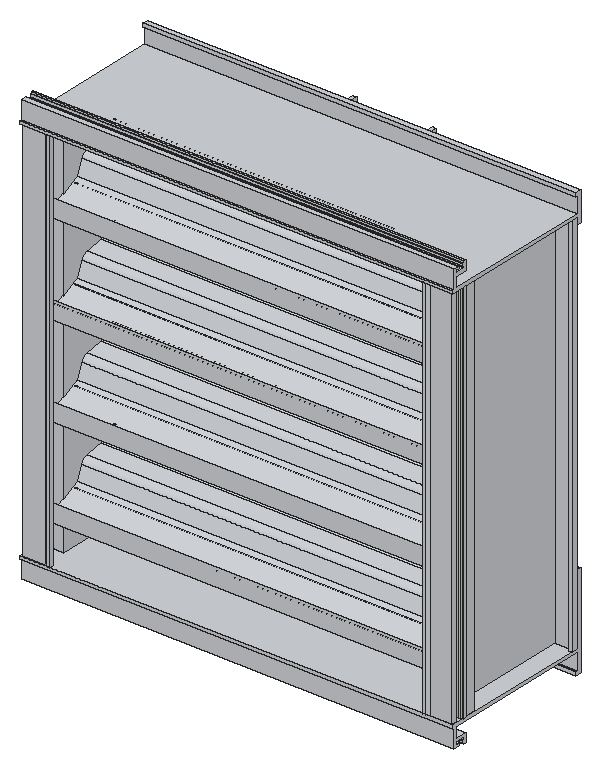
Revit family "CFL-D-6", category Mechanical Equipment, Revit 2015
Parameters
  URL = "http://unitedenertech.com/catalog/pdf/A_32%20CFL-D-6.pdf"
  Type Comments = "Max. Single Section Size is (60\"w x 120\"h)"
  Model = "CFL-D-6"
  Manufacturer = "United Enertech Corporation"
  Exact Width = 1' - 5"
  Exact Height = 1' - 5"
  Description = "High Performance Combination Louver/Damper 6\""
  Depth = 0' - 6.26867"
  Bracket Spacing = 0' - 3.58"
  Bracket Number [instance] = rounddown((Exact Height - 0' 4 5/8") / 0' 3 37/64")  # 3
  Blade 2 Spacing = 0' - 3.58"
  Blade 2 Number [instance] = rounddown((Exact Height - 0' 4 3/4") / 0' 3 37/64")  # 3
  Blade 1 Spacing = 0' - 3.58"
  Blade 1 Number [instance] = rounddown((Exact Height - 0' 1 13/16") / 0' 3 37/64")  # 4
  B2W [instance] = Exact Width - 0' 1 13/16" - 0' 0 5/16"  # 1' - 2 7/8"
  B1W [instance] = Exact Width - 0' 1 13/16"  # 1' - 3 3/16"
Reference planes (in)
  plane 1 "Center (Front/Back)": y = 0
  plane 2: z = 0
  plane 3 "Center (Left/Right)": x = 0
  plane 4: x = -8.5
  plane 5: x = 8.5
  plane 6: z = 17
  plane 7: x = -7.594
  plane 8: x = 7.594
  plane 9: z = 0.907
  plane 10: z = 16.093
  plane 11: y = 6.26867
  plane 12: z = 13.1411
  plane 13: x = -3
  plane 14: x = 3
  plane 15: z = 13.29041
  plane 16: z = 2.8696
  plane 17: z = 15.67855
Forms (in)
  Extrusion 1, solid
    sketch origin (51.15913, -31.32574, 0) x (1, 0, 0) y (0, 1, 0)
      loop
        line (-58.60353, 31.32574) -> (-58.49013, 31.32574) -> (-58.49013, 31.47774) -> (-58.75313, 31.47774) -> (-58.75313, 31.58474) -> (-58.87813, 31.58474) -> (-58.87813, 31.47774) -> (-59.29713, 31.47774) -> (-59.29713, 31.97774) -> (-59.46613, 31.97774) -> (-59.46613, 32.31174) -> (-58.75313, 32.31174) -> (-58.75313, 37.30874) -> (-58.49013, 37.30874) -> (-58.49013, 37.43374) -> (-59.65913, 37.43374) -> (-59.65913, 37.20174) -> (-59.53413, 37.20174) -> (-59.53413, 37.30874) -> (-58.87813, 37.30874) -> (-58.87813, 32.43674) -> (-59.59113, 32.43674) -> (-59.59113, 31.97774) -> (-59.65913, 31.97774) -> (-59.65913, 31.85274) -> (-59.59113, 31.85274) -> (-59.59113, 31.79174) -> (-59.51013, 31.79174) -> (-59.51013, 31.85274) -> (-59.42213, 31.85274) -> (-59.42213, 31.47774) -> (-59.51013, 31.47774) -> (-59.51013, 31.56874) -> (-59.59113, 31.56874) -> (-59.59113, 31.35274) -> (-58.72048, 31.35274) -> (-58.60353, 31.32574)
    from 0.907 to 16.093
  Extrusion 2, solid
    sketch origin (-51.15913, -31.32574, 0) x (-1, 0, 0) y (0, -1, 0)
      loop
        line (-58.60353, -31.32574) -> (-58.72048, -31.35274) -> (-59.59113, -31.35274) -> (-59.59113, -31.56874) -> (-59.51013, -31.56874) -> (-59.51013, -31.47774) -> (-59.42213, -31.47774) -> (-59.42213, -31.85274) -> (-59.51013, -31.85274) -> (-59.51013, -31.79174) -> (-59.59113, -31.79174) -> (-59.59113, -31.85274) -> (-59.65913, -31.85274) -> (-59.65913, -31.97774) -> (-59.59113, -31.97774) -> (-59.59113, -32.43674) -> (-58.87813, -32.43674) -> (-58.87813, -37.30874) -> (-59.53413, -37.30874) -> (-59.53413, -37.20174) -> (-59.65913, -37.20174) -> (-59.65913, -37.43374) -> (-58.49013, -37.43374) -> (-58.49013, -37.30874) -> (-58.75313, -37.30874) -> (-58.75313, -32.31174) -> (-59.46613, -32.31174) -> (-59.46613, -31.97774) -> (-59.29713, -31.97774) -> (-59.29713, -31.47774) -> (-58.87813, -31.47774) -> (-58.87813, -31.58474) -> (-58.75313, -31.58474) -> (-58.75313, -31.47774) -> (-58.49013, -31.47774) -> (-58.49013, -31.32574) -> (-58.60353, -31.32574)
    from 0.907 to 16.093
  Extrusion 3, solid
    sketch origin (-39.29981, 69.1588, -44.80797) x (0, 1, 0) y (0, 0, 1)
      loop
        line (-68.59613, 44.80797) -> (-68.51513, 44.80797) -> (-68.51513, 45.17097) -> (-68.99313, 45.17097) -> (-68.99313, 45.58997) -> (-63.01513, 45.58997) -> (-63.01513, 44.93297) -> (-63.12213, 44.93297) -> (-63.12213, 44.80797) -> (-62.89013, 44.80797) -> (-62.89013, 48.51497) -> (-63.01513, 48.51497) -> (-63.01513, 45.71497) -> (-69.1588, 45.71497) -> (-69.1588, 45.58997) -> (-69.09613, 45.58997) -> (-69.09613, 44.87697) -> (-68.88013, 44.87697) -> (-68.88013, 44.95797) -> (-68.99313, 44.95797) -> (-68.99313, 45.04597) -> (-68.59613, 45.04597) -> (-68.59613, 44.95797) -> (-68.65713, 44.95797) -> (-68.65713, 44.87697) -> (-68.59613, 44.87697) -> (-68.59613, 44.80797)
    from 30.79981 to 47.79981
  Extrusion 4, solid
    sketch origin (-40.57533, 69.1588, -13.18108) x (0, 1, 0) y (0, 0, 1)
      loop
        line (-68.59613, 30.18108) -> (-68.59613, 30.11208) -> (-68.65713, 30.11208) -> (-68.65713, 30.03108) -> (-68.59613, 30.03108) -> (-68.59613, 29.94308) -> (-68.99313, 29.94308) -> (-68.99313, 30.03108) -> (-68.88013, 30.03108) -> (-68.88013, 30.11208) -> (-69.09613, 30.11208) -> (-69.09613, 29.39908) -> (-69.1588, 29.39908) -> (-69.1588, 29.27408) -> (-63.01513, 29.27408) -> (-63.01513, 29.02408) -> (-62.89013, 29.02408) -> (-62.89013, 30.18108) -> (-63.12213, 30.18108) -> (-63.12213, 30.05608) -> (-63.01513, 30.05608) -> (-63.01513, 29.39908) -> (-68.99313, 29.39908) -> (-68.99313, 29.81808) -> (-68.51513, 29.81808) -> (-68.51513, 30.18108) -> (-68.59613, 30.18108)
    from 32.07533 to 49.07533
  Extrusion 5, solid
    sketch origin (8.80721, -2.45316, 0) x (1, 0, 0) y (0, 1, 0)
      loop
        line (-11.80721, 8.72183) -> (-10.30721, 8.72183) -> (-10.30721, 10.22183) -> (-10.43221, 10.22183) -> (-10.43221, 8.84683) -> (-11.80721, 8.84683) -> (-11.80721, 8.72183)
    from 0.907 to 16.093
  Extrusion 6, solid
    sketch origin (-8.80721, -2.45316, 0) x (-1, 0, 0) y (0, -1, 0)
      loop
        line (-11.80721, -8.72183) -> (-11.80721, -8.84683) -> (-10.43221, -8.84683) -> (-10.43221, -10.22183) -> (-10.30721, -10.22183) -> (-10.30721, -8.72183) -> (-11.80721, -8.72183)
    from 0.907 to 16.093
  Extrusion 7, solid
    sketch origin (0, 0, 0) x (1, 0, 0) y (0, 1, 0)
      loop
        circle (0, 5.98793) r 0.16476
    from 2.8696 to 13.29041
Dimensions and locks (in)
  equal spacing: plane 4, plane 3 "Center (Left/Right)", plane 5
  "Exact Width": plane 4 to plane 5
  "Exact Height": plane 6 to level
  locked: plane 4 to plane 7 at 0.906
  locked: plane 8 to plane 5 at 0.906
  locked: plane 9 to level at 0.907
  locked: plane 6 to plane 10 at 0.907
  "Depth": plane 1 "Center (Front/Back)" to plane 11
  locked: plane 6 to plane 12 at 3.8589
  equal spacing: group 1, group 2, group 3  (x2)
  equal spacing: group 3, group 2, group 1
  "Blade 2 Spacing": nested 2 to nested 1
  equal spacing: plane 13, plane 3 "Center (Left/Right)", plane 14
  locked: plane 13 to plane 14 at 6
  locked: plane 6 to plane 15 at 3.70959
  equal spacing: group 4, group 5, group 6  (x2)
  equal spacing: group 6, group 5, group 4
  "Bracket Spacing": nested 5 to nested 4
  locked: plane 16 to level at 2.8696
  locked: plane 10 to plane 17 at 0.41445
  equal spacing: group 7, group 8, group 9, group 10  (x2)
  equal spacing: group 10, group 9, group 8, group 7
  "Blade 1 Spacing": nested 7 to nested 8
  aligned and locked: level to plane 2
  aligned and locked: Extrusion 1 to plane 9
  aligned and locked: Extrusion 2 to plane 9
  aligned and locked: plane 5 to Extrusion 3
  aligned and locked: plane 4 to Extrusion 3
  aligned and locked: plane 6 to Extrusion 4
  aligned and locked: plane 10 to Extrusion 1
  aligned and locked: plane 10 to Extrusion 2
  aligned and locked: plane 5 to Extrusion 4
  aligned and locked: plane 4 to Extrusion 4
  aligned and locked: plane 3 "Center (Left/Right)" to nested 1
  aligned and locked: nested 1 to plane 12
  aligned and locked: Extrusion 5 to plane 9
  aligned and locked: plane 10 to Extrusion 5
  aligned and locked: Extrusion 6 to plane 9
  aligned and locked: plane 9 to Extrusion 5
  aligned and locked: plane 10 to Extrusion 6
  aligned and locked: nested 4 to plane 15
  aligned and locked: Extrusion 7 to plane 16
  aligned and locked: plane 15 to Extrusion 7
  aligned and locked: plane 17 to nested 7
  aligned and locked: plane 3 "Center (Left/Right)" to nested 7
Automatic sketch dimensions
  Extrusion 1 sketch curve to plane 4 = 0' - 0"  (x2)
  Extrusion 1 sketch curve to plane 7 = 0' - 0"  (x2)
  plane 1 "Center (Front/Back)" to Extrusion 1 sketch curve = 0' - 0"
  Extrusion 1 sketch curve to Extrusion 1 sketch curve = 0' - 0.068"
  Extrusion 1 sketch curve to plane 4 = 0' - 0.068"  (x2)
  Extrusion 1 sketch curve to plane 1 "Center (Front/Back)" = 0' - 0.027"
  Extrusion 1 sketch curve to plane 4 = 0' - 0 1/8"
  Extrusion 1 sketch curve to Extrusion 1 sketch curve = 0' - 0.081"  (x2)
  Extrusion 1 sketch curve to Extrusion 1 sketch curve = 0' - 0 1/8"  (x7)
  Extrusion 1 sketch curve to Extrusion 1 sketch curve = 0' - 0.088"
  plane 7 to Extrusion 1 sketch curve = 0' - 0 1/8"  (x2)
  Extrusion 1 sketch curve to plane 7 = 0' - 0.03265"
  Extrusion 1 sketch curve to Extrusion 1 sketch curve = 0' - 0.11695"
  Extrusion 1 sketch curve to Extrusion 1 sketch curve = 0' - 0.1134"
  Extrusion 1 sketch curve to plane 7 = 0' - 0.263"
  Extrusion 1 sketch curve to plane 1 "Center (Front/Back)" = 0' - 0.152"
  Extrusion 1 sketch curve to Extrusion 1 sketch curve = 0' - 0"  (x2)
  Extrusion 1 sketch curve to Extrusion 1 sketch curve = 0' - 0.091"
  Extrusion 1 sketch curve to Extrusion 1 sketch curve = 0' - 0.107"
  Extrusion 1 sketch curve to Extrusion 1 sketch curve = 0' - 0.223"
  Extrusion 1 sketch curve to Extrusion 1 sketch curve = 0' - 0.061"  (x2)
  Extrusion 1 sketch curve to Extrusion 1 sketch curve = 0' - 0.334"
  plane 11 to Extrusion 1 sketch curve = 0' - 0.39267"
  plane 11 to Extrusion 1 sketch curve = 0' - 0.28567"
  Extrusion 2 sketch curve to plane 5 = 0' - 0"  (x2)
  Extrusion 2 sketch curve to plane 8 = 0' - 0"  (x2)
  plane 1 "Center (Front/Back)" to Extrusion 2 sketch curve = 0' - 0"
  Extrusion 2 sketch curve to Extrusion 2 sketch curve = 0' - 0.068"
  plane 5 to Extrusion 2 sketch curve = 0' - 0.068"  (x2)
  plane 1 "Center (Front/Back)" to Extrusion 2 sketch curve = 0' - 0.027"
  plane 5 to Extrusion 2 sketch curve = 0' - 0 1/8"
  Extrusion 2 sketch curve to Extrusion 2 sketch curve = 0' - 0.081"  (x2)
  Extrusion 2 sketch curve to Extrusion 2 sketch curve = 0' - 0 1/8"  (x7)
  Extrusion 2 sketch curve to Extrusion 2 sketch curve = 0' - 0.088"
  plane 8 to Extrusion 2 sketch curve = 0' - 0 1/8"  (x2)
  Extrusion 2 sketch curve to plane 8 = 0' - 0.03265"
  Extrusion 2 sketch curve to Extrusion 2 sketch curve = 0' - 0.11695"
  Extrusion 2 sketch curve to Extrusion 2 sketch curve = 0' - 0.1134"
  Extrusion 2 sketch curve to plane 8 = 0' - 0.263"
  plane 1 "Center (Front/Back)" to Extrusion 2 sketch curve = 0' - 0.152"
  Extrusion 2 sketch curve to Extrusion 2 sketch curve = 0' - 0"  (x2)
  Extrusion 2 sketch curve to Extrusion 2 sketch curve = 0' - 0.091"
  Extrusion 2 sketch curve to Extrusion 2 sketch curve = 0' - 0.107"
  Extrusion 2 sketch curve to Extrusion 2 sketch curve = 0' - 0.223"
  Extrusion 2 sketch curve to Extrusion 2 sketch curve = 0' - 0.061"  (x2)
  Extrusion 2 sketch curve to Extrusion 2 sketch curve = 0' - 0.334"
  Extrusion 2 sketch curve to plane 11 = 0' - 0.39267"
  Extrusion 2 sketch curve to plane 11 = 0' - 0.28567"
  Extrusion 3 sketch curve to plane 1 "Center (Front/Back)" = 0' - 0"
  Extrusion 3 sketch curve to level = 0' - 0"  (x2)
  plane 9 to Extrusion 3 sketch curve = 0' - 0"
  Extrusion 3 sketch curve to plane 11 = 0' - 0"
  Extrusion 3 sketch curve to plane 1 "Center (Front/Back)" = 0' - 0.06267"
  Extrusion 3 sketch curve to Extrusion 3 sketch curve = 0' - 0.103"
  Extrusion 3 sketch curve to Extrusion 3 sketch curve = 0' - 0"  (x2)
  level to Extrusion 3 sketch curve = 0' - 0.069"  (x2)
  Extrusion 3 sketch curve to Extrusion 3 sketch curve = 0' - 0.113"
  Extrusion 3 sketch curve to Extrusion 3 sketch curve = 0' - 0.223"
  Extrusion 3 sketch curve to Extrusion 3 sketch curve = 0' - 0.061"  (x2)
  Extrusion 3 sketch curve to Extrusion 3 sketch curve = 0' - 0.081"  (x3)
  plane 11 to Extrusion 3 sketch curve = 0' - 0.232"
  Extrusion 3 sketch curve to Extrusion 3 sketch curve = 0' - 0.107"
  Extrusion 3 sketch curve to Extrusion 3 sketch curve = 0' - 0 1/8"  (x2)
  level to Extrusion 3 sketch curve = 0' - 0 1/8"
  Extrusion 3 sketch curve to Extrusion 3 sketch curve = 0' - 0.088"
  Extrusion 3 sketch curve to plane 9 = 0' - 0 1/8"
  plane 9 to Extrusion 3 sketch curve = 0' - 2.8"
  Extrusion 4 sketch curve to plane 1 "Center (Front/Back)" = 0' - 0"
  Extrusion 4 sketch curve to plane 6 = 0' - 0"  (x2)
  plane 10 to Extrusion 4 sketch curve = 0' - 0"
  Extrusion 4 sketch curve to plane 11 = 0' - 0"
  Extrusion 4 sketch curve to Extrusion 4 sketch curve = 0' - 0.06267"
  Extrusion 4 sketch curve to Extrusion 4 sketch curve = 0' - 0.103"  (x2)
  Extrusion 4 sketch curve to plane 6 = 0' - 0.069"
  Extrusion 4 sketch curve to Extrusion 4 sketch curve = 0' - 0.113"
  Extrusion 4 sketch curve to Extrusion 4 sketch curve = 0' - 0.223"
  Extrusion 4 sketch curve to Extrusion 4 sketch curve = 0' - 0.061"  (x2)
  Extrusion 4 sketch curve to Extrusion 4 sketch curve = 0' - 0.081"  (x2)
  plane 11 to Extrusion 4 sketch curve = 0' - 0.232"
  plane 11 to Extrusion 4 sketch curve = 0' - 0 1/8"
  Extrusion 4 sketch curve to Extrusion 4 sketch curve = 0' - 0.107"
  Extrusion 4 sketch curve to plane 10 = 0' - 0 1/4"
  Extrusion 4 sketch curve to Extrusion 4 sketch curve = 0' - 0 1/8"  (x3)
  Extrusion 4 sketch curve to Extrusion 4 sketch curve = 0' - 0.363"
  Extrusion 4 sketch curve to Extrusion 4 sketch curve = 0' - 0.088"
  Extrusion 4 sketch curve to plane 6 = 0' - 0 1/8"
  Extrusion 4 sketch curve to Extrusion 4 sketch curve = 0' - 0.069"
  plane 11 to Extrusion 5 sketch curve = 0' - 0"
  Extrusion 5 sketch curve to plane 13 = 0' - 0"
  Extrusion 5 sketch curve to plane 13 = 0' - 1 3/8"
  Extrusion 5 sketch curve to Extrusion 5 sketch curve = 0' - 0 1/8"
  Extrusion 5 sketch curve to plane 11 = 0' - 0 1/8"
  Extrusion 5 sketch curve to Extrusion 5 sketch curve = 0' - 1 3/8"
  plane 11 to Extrusion 6 sketch curve = 0' - 0"
  Extrusion 6 sketch curve to plane 14 = 0' - 0"
  Extrusion 6 sketch curve to plane 14 = 0' - 1 3/8"
  Extrusion 6 sketch curve to Extrusion 6 sketch curve = 0' - 0 1/8"
  plane 11 to Extrusion 6 sketch curve = 0' - 0 1/8"
  Extrusion 6 sketch curve to Extrusion 6 sketch curve = 0' - 1 3/8"
  Extrusion 7 sketch curve to plane 3 "Center (Left/Right)" = 0' - 0"
  plane 11 to Extrusion 7 sketch curve = 0' - 0.28074"
  radius of Extrusion 7 sketch curve = 0' - 0.16476"
Nested families (in)
  nested 1: "CFL-D-6 BLADE 2" at (0, 1.31083, 7.01003), type "CFL-D-6 BLADE 2"
    with Blade 2 Width 1' - 2 7/8"
  nested 2: "CFL-D-6 BLADE 2" at (0, 1.31083, 3.43003), type "CFL-D-6 BLADE 2"
    with Blade 2 Width 1' - 2 7/8"
  nested 3: "CFL-D-6 BLADE 2" at (0, 1.31083, -0.14997), type "CFL-D-6 BLADE 2"
    with Blade 2 Width 1' - 2 7/8"
  nested 4: "BRACKET" at (2.67149, 5.9902, 14.39933) x (1, 0, 0) z (0, 0.7411, -0.6714), type "BRACKET"
  nested 5: "BRACKET" at (2.67149, 5.9902, 10.81933) x (1, 0, 0) z (0, 0.7411, -0.6714), type "BRACKET"
  nested 6: "BRACKET" at (2.67149, 5.9902, 7.23933) x (1, 0, 0) z (0, 0.7411, -0.6714), type "BRACKET"
  nested 7: "CFL-D-6 BLADE NEW" at (0, 1.97005, 13.34342), type "CFL-D-6 BLADE NEW"
    with Blade 1 Width 1' - 3 3/16"
  nested 8: "CFL-D-6 BLADE NEW" at (0, 1.97005, 9.76342), type "CFL-D-6 BLADE NEW"
    with Blade 1 Width 1' - 3 3/16"
  nested 9: "CFL-D-6 BLADE NEW" at (0, 1.97005, 6.18342), type "CFL-D-6 BLADE NEW"
    with Blade 1 Width 1' - 3 3/16"
  nested 10: "CFL-D-6 BLADE NEW" at (0, 1.97005, 2.60342), type "CFL-D-6 BLADE NEW"
    with Blade 1 Width 1' - 3 3/16"
Definition of nested family "CFL-D-6 BLADE 2"
  Parameters (values of type "CFL-D-6 BLADE 2")
    Blade 2 Width = 2' - 0"
  Reference planes (in)
    plane 1 "Center (Front/Back)": y = 0
    plane 2: z = 0
    plane 3 "Center (Left/Right)": x = 0
    plane 4: x = -12
    plane 5: x = 12
  Forms (in)
    Extrusion 1, solid
      sketch origin (-4.87645, -4.88023, 14.89617) x (0, 1, 0) y (0, 0, 1)
        loop
          line (8.08759, -8.7651) -> (8.19899, -8.7651) -> (8.27599, -8.79101) -> (8.35082, -8.85782) -> (8.39133, -8.94079) -> (8.39972, -9.024) -> (8.38918, -9.08082) -> (8.36818, -9.15918) -> (8.48059, -9.19637) -> (8.51687, -9.08612) -> (8.5243, -8.97984) -> (8.50682, -8.89086) -> (8.47095, -8.81268) -> (8.43441, -8.74974) -> (8.44872, -8.70868) -> (8.55084, -8.60656) -> (8.50959, -8.5331) -> (8.87707, -8.16562) -> (8.94979, -8.20761) -> (9.10379, -8.05362) -> (9.06305, -7.97964) -> (9.53686, -7.50582) -> (9.4763, -7.44526) -> (8.43304, -8.48853) -> (8.36684, -8.54415) -> (8.27083, -8.59691) -> (8.1998, -8.62028) -> (8.09396, -8.63636) -> (7.99934, -8.66383) -> (7.92056, -8.7107) -> (7.86145, -8.76794) -> (7.81583, -8.83751) -> (7.7894, -8.90522) -> (7.77611, -8.98234) -> (7.77806, -9.05251) -> (7.7993, -9.13908) -> (7.83611, -9.2118) -> (7.88512, -9.27223) -> (7.91658, -9.31825) -> (7.92503, -9.37252) -> (7.91326, -9.41772) -> (7.88247, -9.45878) -> (7.05145, -10.2898) -> (7.10872, -10.34708) -> (8.06236, -9.39344) -> (8.16114, -9.37828) -> (8.16574, -9.26403) -> (8.05107, -9.23658) -> (7.97351, -9.18389) -> (7.91523, -9.09224) -> (7.90179, -8.97978) -> (7.92841, -8.89192) -> (7.99661, -8.80992) -> (8.08759, -8.7651)
      from -7.12355 to 16.87645
  Dimensions and locks (in)
    equal spacing: plane 4, plane 3 "Center (Left/Right)", plane 5
    "Blade 2 Width": plane 4 to plane 5
    aligned and locked: level to plane 2
    aligned and locked: plane 5 to Extrusion 1
    aligned and locked: plane 4 to Extrusion 1
  Automatic sketch dimensions
    Extrusion 1 sketch curve to plane 1 "Center (Front/Back)" = 0' - 2.17122"
    level to Extrusion 1 sketch curve = 0' - 4.54909"
    Extrusion 1 sketch curve to Extrusion 1 sketch curve = 0' - 0.05728"
    Extrusion 1 sketch curve to Extrusion 1 sketch curve = 0' - 0.72467"
    Extrusion 1 sketch curve to Extrusion 1 sketch curve = 0' - 0.00194"
    Extrusion 1 sketch curve to Extrusion 1 sketch curve = 0' - 0.01328"
    Extrusion 1 sketch curve to Extrusion 1 sketch curve = 0' - 0.02124"
    Extrusion 1 sketch curve to Extrusion 1 sketch curve = 0' - 0.02643"
    Extrusion 1 sketch curve to Extrusion 1 sketch curve = 0' - 0.03681"
    Extrusion 1 sketch curve to Extrusion 1 sketch curve = 0' - 0.04563"
    level to Extrusion 1 sketch curve = 0' - 5.4374"
    Extrusion 1 sketch curve to Extrusion 1 sketch curve = 0' - 0.04637"
    Extrusion 1 sketch curve to Extrusion 1 sketch curve = 0' - 0.04902"
    Extrusion 1 sketch curve to Extrusion 1 sketch curve = 0' - 0.12568"
    Extrusion 1 sketch curve to Extrusion 1 sketch curve = 0' - 0.03078"
    Extrusion 1 sketch curve to Extrusion 1 sketch curve = 0' - 0.01344"
    Extrusion 1 sketch curve to Extrusion 1 sketch curve = 0' - 0.03145"
    Extrusion 1 sketch curve to Extrusion 1 sketch curve = 0' - 0.05911"
    Extrusion 1 sketch curve to Extrusion 1 sketch curve = 0' - 0.01177"
    Extrusion 1 sketch curve to Extrusion 1 sketch curve = 0' - 0.02662"
    Extrusion 1 sketch curve to Extrusion 1 sketch curve = 0' - 0.05828"
    Extrusion 1 sketch curve to Extrusion 1 sketch curve = 0' - 0.0682"
    Extrusion 1 sketch curve to Extrusion 1 sketch curve = 0' - 0.07877"
    Extrusion 1 sketch curve to Extrusion 1 sketch curve = 0' - 0.07755"
    level to Extrusion 1 sketch curve = 0' - 5.50273"
    Extrusion 1 sketch curve to Extrusion 1 sketch curve = 0' - 0.09098"
    Extrusion 1 sketch curve to Extrusion 1 sketch curve = 0' - 0.09463"
    Extrusion 1 sketch curve to Extrusion 1 sketch curve = 0' - 0.09878"
    Extrusion 1 sketch curve to Extrusion 1 sketch curve = 0' - 0.0046"
    Extrusion 1 sketch curve to Extrusion 1 sketch curve = 0' - 0.11139"
    Extrusion 1 sketch curve to Extrusion 1 sketch curve = 0' - 0.10584"
    Extrusion 1 sketch curve to Extrusion 1 sketch curve = 0' - 0.07103"
    Extrusion 1 sketch curve to Extrusion 1 sketch curve = 0' - 0.077"
    Extrusion 1 sketch curve to Extrusion 1 sketch curve = 0' - 0.07483"
    Extrusion 1 sketch curve to Extrusion 1 sketch curve = 0' - 0.09602"
    Extrusion 1 sketch curve to Extrusion 1 sketch curve = 0' - 0.20244"
    Extrusion 1 sketch curve to Extrusion 1 sketch curve = 0' - 0.021"
    Extrusion 1 sketch curve to Extrusion 1 sketch curve = 0' - 0.04051"
    Extrusion 1 sketch curve to Extrusion 1 sketch curve = 0' - 0.01054"
    Extrusion 1 sketch curve to Extrusion 1 sketch curve = 0' - 0.0662"
    Extrusion 1 sketch curve to Extrusion 1 sketch curve = 0' - 0.08359"
    Extrusion 1 sketch curve to Extrusion 1 sketch curve = 0' - 0.01432"
    Extrusion 1 sketch curve to Extrusion 1 sketch curve = 0' - 0.03654"
    Extrusion 1 sketch curve to Extrusion 1 sketch curve = 0' - 0.11241"
    Extrusion 1 sketch curve to Extrusion 1 sketch curve = 0' - 0.03587"
    Extrusion 1 sketch curve to Extrusion 1 sketch curve = 0' - 0.07655"
    Extrusion 1 sketch curve to Extrusion 1 sketch curve = 0' - 0.03628"
    Extrusion 1 sketch curve to Extrusion 1 sketch curve = 0' - 0.01748"
    Extrusion 1 sketch curve to Extrusion 1 sketch curve = 0' - 0.04126"
    Extrusion 1 sketch curve to Extrusion 1 sketch curve = 0' - 0.36748"
    Extrusion 1 sketch curve to Extrusion 1 sketch curve = 0' - 0.07273"
    Extrusion 1 sketch curve to Extrusion 1 sketch curve = 0' - 0.11326"
    Extrusion 1 sketch curve to Extrusion 1 sketch curve = 0' - 0.04073"
    Extrusion 1 sketch curve to Extrusion 1 sketch curve = 0' - 0.41325"
    Extrusion 1 sketch curve to Extrusion 1 sketch curve = 0' - 0.06056"
    Extrusion 1 sketch curve to Extrusion 1 sketch curve = 0' - 0.04106"  (x2)
    Extrusion 1 sketch curve to Extrusion 1 sketch curve = 0' - 0.01516"
    Extrusion 1 sketch curve to Extrusion 1 sketch curve = 0' - 0.0452"
    Extrusion 1 sketch curve to Extrusion 1 sketch curve = 0' - 0.05427"
    Extrusion 1 sketch curve to Extrusion 1 sketch curve = 0' - 0.04602"
    Extrusion 1 sketch curve to Extrusion 1 sketch curve = 0' - 0.11426"
    Extrusion 1 sketch curve to Extrusion 1 sketch curve = 0' - 0.02745"
    Extrusion 1 sketch curve to Extrusion 1 sketch curve = 0' - 0.06043"
    Extrusion 1 sketch curve to Extrusion 1 sketch curve = 0' - 0.06766"
    Extrusion 1 sketch curve to Extrusion 1 sketch curve = 0' - 0.05269"
    Extrusion 1 sketch curve to Extrusion 1 sketch curve = 0' - 0.03719"
    Extrusion 1 sketch curve to Extrusion 1 sketch curve = 0' - 0.07272"
    Extrusion 1 sketch curve to Extrusion 1 sketch curve = 0' - 0.09165"
    Extrusion 1 sketch curve to Extrusion 1 sketch curve = 0' - 0.11025"
    Extrusion 1 sketch curve to Extrusion 1 sketch curve = 0' - 0.07836"
    Extrusion 1 sketch curve to Extrusion 1 sketch curve = 0' - 0.08657"
    Extrusion 1 sketch curve to Extrusion 1 sketch curve = 0' - 0.05682"
    Extrusion 1 sketch curve to Extrusion 1 sketch curve = 0' - 0.07017"
    Extrusion 1 sketch curve to Extrusion 1 sketch curve = 0' - 0.10628"
    Extrusion 1 sketch curve to Extrusion 1 sketch curve = 0' - 0.11246"
    Extrusion 1 sketch curve to Extrusion 1 sketch curve = 0' - 0.08321"
    Extrusion 1 sketch curve to Extrusion 1 sketch curve = 0' - 0.07712"
    Extrusion 1 sketch curve to Extrusion 1 sketch curve = 0' - 0.08787"
    Extrusion 1 sketch curve to Extrusion 1 sketch curve = 0' - 0.08898"
    Extrusion 1 sketch curve to Extrusion 1 sketch curve = 0' - 0.08297"
    Extrusion 1 sketch curve to Extrusion 1 sketch curve = 0' - 0.06771"
    Extrusion 1 sketch curve to Extrusion 1 sketch curve = 0' - 0.07818"
    Extrusion 1 sketch curve to Extrusion 1 sketch curve = 0' - 0.08199"
    Extrusion 1 sketch curve to Extrusion 1 sketch curve = 0' - 0.06681"
    Extrusion 1 sketch curve to Extrusion 1 sketch curve = 0' - 0.06958"
    Extrusion 1 sketch curve to Extrusion 1 sketch curve = 0' - 0.02591"
    Extrusion 1 sketch curve to Extrusion 1 sketch curve = 0' - 0.06294"
    Extrusion 1 sketch curve to Extrusion 1 sketch curve = 0' - 0.05723"
    Extrusion 1 sketch curve to Extrusion 1 sketch curve = 0' - 0 3/64"
    Extrusion 1 sketch curve to Extrusion 1 sketch curve = 0' - 0.02747"
    Extrusion 1 sketch curve to Extrusion 1 sketch curve = 0' - 0.01608"
    Extrusion 1 sketch curve to Extrusion 1 sketch curve = 0' - 0.10212"
    Extrusion 1 sketch curve to Extrusion 1 sketch curve = 0' - 0.02337"
    Extrusion 1 sketch curve to Extrusion 1 sketch curve = 0' - 0.05276"
    Extrusion 1 sketch curve to Extrusion 1 sketch curve = 0' - 0.07346"
    Extrusion 1 sketch curve to Extrusion 1 sketch curve = 0' - 0.05562"
    Extrusion 1 sketch curve to Extrusion 1 sketch curve = 0' - 0.32549"
    Extrusion 1 sketch curve to Extrusion 1 sketch curve = 0' - 0.04199"
    Extrusion 1 sketch curve to Extrusion 1 sketch curve = 0' - 0.15399"
    Extrusion 1 sketch curve to Extrusion 1 sketch curve = 0' - 0.07398"
Definition of nested family "BRACKET"
  Reference planes (in)
    plane 1 "Center (Front/Back)": y = 0
    plane 2: z = 0
    plane 3 "Center (Left/Right)": x = 0
  Forms (in)
    Extrusion 1, solid
      sketch origin (-2.68978, 0, 0) x (1, 0, 0) y (0, 1, 0)
        loop
          line (-0.87301, 0.90078) -> (-0.86465, 0.86958) -> (-0.8419, 0.84683) -> (-0.8093, 0.83809) -> (-0.779, 0.84621) -> (-0.75683, 0.86838) -> (-0.74808, 0.90104) -> (-0.77994, 0.95397) -> (-0.81168, 0.96248) -> (-0.8425, 0.95422) -> (-0.86483, 0.93188) -> (-0.87301, 0.90078)
        loop
          line (-0.93538, 0.9154) -> (-0.93206, 0.86544) -> (-0.64736, 0.48722) -> (-0.58911, 0.45359) -> (-0.52742, 0.45359) -> (-0.46383, 0.48167) -> (-0.23166, 0.68275) -> (0.26824, 0.68275) -> (0.50644, 0.47916) -> (0.55228, 0.45269) -> (0.60696, 0.44805) -> (0.65295, 0.46335) -> (0.70069, 0.51109) -> (0.94703, 0.8246) -> (0.96905, 0.87284) -> (0.96905, 0.92278) -> (0.94661, 0.97737) -> (0.90851, 1.01547) -> (0.38693, 1.41977) -> (0.34918, 1.44157) -> (0.30813, 1.44599) -> (-0.27279, 1.44599) -> (-0.31429, 1.44029) -> (-0.34963, 1.41988) -> (-0.8889, 0.99856) -> (-0.91859, 0.96157) -> (-0.93538, 0.9154)
        loop
          line (0.84768, 0.83809) -> (0.87798, 0.84621) -> (0.90014, 0.86838) -> (0.90014, 0.93086) -> (0.87703, 0.95397) -> (0.84529, 0.96248) -> (0.81448, 0.95422) -> (0.79214, 0.93188) -> (0.78396, 0.90078) -> (0.79232, 0.86958) -> (0.81508, 0.84683) -> (0.84768, 0.83809)
      from 0 to 0.05
    Extrusion 2, solid
      sketch origin (-2.46819, 0, 2.56842) x (0, 0, -1) y (0, 1, 0)
        loop
          line (2.51842, 0.68327) -> (2.51842, 1.44594) -> (2.51176, 1.51478) -> (2.48916, 1.57964) -> (2.45293, 1.63829) -> (2.40233, 1.68888) -> (2.34486, 1.72864) -> (2.27938, 1.75164) -> (2.20777, 1.75915) -> (2.13925, 1.75208) -> (2.0744, 1.72832) -> (2.01055, 1.69145) -> (1.9628, 1.63668) -> (1.93051, 1.59239) -> (1.90399, 1.52215) -> (1.8947, 1.44597) -> (1.9075, 1.36441) -> (1.93504, 1.29244) -> (1.97741, 1.23669) -> (2.51842, 0.68327)
        loop
          line (2.41231, 1.4628) -> (2.40418, 1.50788) -> (2.3851, 1.55473) -> (2.35036, 1.5984) -> (2.30889, 1.63032) -> (2.27559, 1.64577) -> (2.24019, 1.65526) -> (2.19928, 1.65862) -> (2.14577, 1.65218) -> (2.1015, 1.63538) -> (2.05219, 1.60094) -> (2.01547, 1.55605) -> (1.99249, 1.50441) -> (1.9852, 1.44645) -> (1.99277, 1.39034) -> (2.01379, 1.3377) -> (2.04799, 1.29226) -> (2.09253, 1.25839) -> (2.14269, 1.23795) -> (2.19928, 1.23067) -> (2.25419, 1.23779) -> (2.31337, 1.26524) -> (2.36192, 1.30922) -> (2.3931, 1.35849) -> (2.40864, 1.40578) -> (2.41231, 1.4628)
      from 0 to 0.05
    Extrusion 3, solid
      sketch origin (-2.87479, 0, 2.56842) x (0, 0, -1) y (0, -1, 0)
        loop
          line (2.51842, -0.68327) -> (1.97741, -1.23669) -> (1.93504, -1.29244) -> (1.9075, -1.36441) -> (1.8947, -1.44597) -> (1.90399, -1.52215) -> (1.93051, -1.59239) -> (1.9628, -1.63668) -> (2.01055, -1.69145) -> (2.0744, -1.72832) -> (2.13925, -1.75208) -> (2.20777, -1.75915) -> (2.27938, -1.75164) -> (2.34486, -1.72864) -> (2.40233, -1.68888) -> (2.45293, -1.63829) -> (2.48916, -1.57964) -> (2.51176, -1.51478) -> (2.51842, -1.44594) -> (2.51842, -0.68327)
        loop
          line (2.41231, -1.4628) -> (2.40864, -1.40578) -> (2.3931, -1.35849) -> (2.36192, -1.30922) -> (2.31337, -1.26524) -> (2.25419, -1.23779) -> (2.19928, -1.23067) -> (2.14269, -1.23795) -> (2.09253, -1.25839) -> (2.04799, -1.29226) -> (2.01379, -1.3377) -> (1.99277, -1.39034) -> (1.9852, -1.44645) -> (1.99249, -1.50441) -> (2.01547, -1.55605) -> (2.05219, -1.60094) -> (2.1015, -1.63538) -> (2.14577, -1.65218) -> (2.19928, -1.65862) -> (2.24019, -1.65526) -> (2.27559, -1.64577) -> (2.30889, -1.63032) -> (2.35036, -1.5984) -> (2.3851, -1.55473) -> (2.40418, -1.50788) -> (2.41231, -1.4628)
      from 0 to 0.05
    Extrusion 4, solid
      sketch origin (0, 0, 0) x (0, 1, 0) y (0, 0, 1)
        loop
          circle (1.44593, 0.36759) r 0.25
      from -2.89968 to -2.44346
    Extrusion 5, solid
      sketch origin (0, 0.43938, -0.70774) x (1, 0, 0) y (0, 0.829038, 0.559193)
        loop
          circle (-2.67211, 1.44599) r 0.13823
      from 0.36066 to 1.36337
    Extrusion 6, solid
      sketch origin (0, 0.43938, -0.70774) x (1, 0, 0) y (0, -0.559193, 0.829038)
        loop
          circle (-2.67801, 1.03548) r 0.25
      from -1.61222 to -1.27315
  Dimensions and locks (in)
    aligned and locked: level to plane 2
Definition of nested family "CFL-D-6 BLADE NEW"
  Parameters (values of type "CFL-D-6 BLADE NEW")
    Blade 1 Width = 2' - 10 3/16"
  Reference planes (in)
    plane 1 "Center (Front/Back)": y = 0
    plane 2: z = 0
    plane 3 "Center (Left/Right)": x = 0
    plane 4: x = -17.09375
    plane 5: x = 17.09375
  Forms (in)
    Extrusion 1, solid
      sketch origin (0, 2.9316, -4.70095) x (0, 1, 0) y (0, 0, 1)
        loop
          line (-1.05591, 7.03609) -> (-1.4316, 7.03609) -> (-1.4316, 6.95095) -> (-1.24766, 6.95095) -> (-2.08466, 6.07465) -> (-2.78629, 5.95427)
          arc (-2.78629, 5.95427) -> (-2.93804, 5.88574) -> (-3.03723, 5.752) r 0.331
          line (-3.03723, 5.752) -> (-3.25049, 5.22401) -> (-4.57765, 4.56488) -> (-4.57765, 4.94579) -> (-4.43964, 4.81859) -> (-4.38474, 4.87815) -> (-4.65865, 5.1306) -> (-4.65865, 4.43429) -> (-3.55615, 4.98179)
          arc (-3.55615, 4.98179) -> (-3.52039, 4.87281) -> (-3.42062, 4.81624) r 0.159
          line (-3.42062, 4.81624) -> (-3.39241, 4.89569)
          arc (-3.39241, 4.89569) -> (-3.43544, 5.04161) -> (-3.33363, 4.92857) r 0.078
          line (-3.33363, 4.92857) -> (-3.25511, 4.9025)
          arc (-3.25511, 4.9025) -> (-3.24325, 5.01265) -> (-3.30621, 5.10381) r 0.159
          line (-3.30621, 5.10381) -> (-3.18797, 5.16252) -> (-2.96605, 5.71129)
          arc (-2.96605, 5.71129) -> (-2.88858, 5.82156) -> (-2.76514, 5.8756) r 0.25
          line (-2.76514, 5.8756) -> (-2.04454, 5.99935) -> (-1.53213, 6.53662)
          arc (-1.53213, 6.53662) -> (-1.46128, 6.44636) -> (-1.34813, 6.42729) r 0.159
          line (-1.34813, 6.42729) -> (-1.34813, 6.51189)
          arc (-1.34813, 6.51189) -> (-1.4384, 6.63482) -> (-1.30561, 6.5598) r 0.078
          line (-1.30561, 6.5598) -> (-1.22277, 6.5598)
          arc (-1.22277, 6.5598) -> (-1.24773, 6.67119) -> (-1.34088, 6.73715) r 0.159
          line (-1.34088, 6.73715) -> (-1.05591, 7.03609)
      from -17.09375 to 17.09375
  Dimensions and locks (in)
    equal spacing: plane 4, plane 3 "Center (Left/Right)", plane 5
    "Blade 1 Width": plane 4 to plane 5
    aligned and locked: level to plane 2
    aligned and locked: plane 5 to Extrusion 1
    aligned and locked: plane 4 to Extrusion 1
  Automatic sketch dimensions
    Extrusion 1 sketch curve to plane 1 "Center (Front/Back)" = 0' - 1 1/2"
    level to Extrusion 1 sketch curve = 0' - 2.33514"
    Extrusion 1 sketch curve to Extrusion 1 sketch curve = 0' - 0.37569"
    Extrusion 1 sketch curve to Extrusion 1 sketch curve = 0' - 0.08514"
    Extrusion 1 sketch curve to Extrusion 1 sketch curve = 0' - 0.18395"
    Extrusion 1 sketch curve to Extrusion 1 sketch curve = 0' - 0.65306"
    Extrusion 1 sketch curve to Extrusion 1 sketch curve = 0' - 0.8763"
    Extrusion 1 sketch curve to Extrusion 1 sketch curve = 0' - 0.09072"
    Extrusion 1 sketch curve to Extrusion 1 sketch curve = 0' - 0.2138"
    Extrusion 1 sketch curve to Extrusion 1 sketch curve = 0' - 0.03918"
    Extrusion 1 sketch curve to Extrusion 1 sketch curve = 0' - 0.1541"
    Extrusion 1 sketch curve to Extrusion 1 sketch curve = 0' - 0.15729"
    Extrusion 1 sketch curve to Extrusion 1 sketch curve = 0' - 0.07446"
    Extrusion 1 sketch curve to Extrusion 1 sketch curve = 0' - 0"  (x10)
    Extrusion 1 sketch curve to Extrusion 1 sketch curve = 0' - 0.04252"
    Extrusion 1 sketch curve to Extrusion 1 sketch curve = 0' - 0.0846"
    Extrusion 1 sketch curve to Extrusion 1 sketch curve = 0' - 0.15207"
    Extrusion 1 sketch curve to Extrusion 1 sketch curve = 0' - 0.04012"
    Extrusion 1 sketch curve to Extrusion 1 sketch curve = 0' - 0.0753"
    Extrusion 1 sketch curve to Extrusion 1 sketch curve = 0' - 0.68048"
    Extrusion 1 sketch curve to Extrusion 1 sketch curve = 0' - 0.19905"
    Extrusion 1 sketch curve to Extrusion 1 sketch curve = 0' - 0.02115"
    Extrusion 1 sketch curve to Extrusion 1 sketch curve = 0' - 0.07867"
    Extrusion 1 sketch curve to Extrusion 1 sketch curve = 0' - 0.03482"
    Extrusion 1 sketch curve to Extrusion 1 sketch curve = 0' - 0.24756"
    Extrusion 1 sketch curve to Extrusion 1 sketch curve = 0' - 0.27209"
    Extrusion 1 sketch curve to Extrusion 1 sketch curve = 0' - 0.07118"
    Extrusion 1 sketch curve to Extrusion 1 sketch curve = 0' - 0.22193"
    Extrusion 1 sketch curve to Extrusion 1 sketch curve = 0' - 0.54877"
    Extrusion 1 sketch curve to Extrusion 1 sketch curve = 0' - 0.06252"
    Extrusion 1 sketch curve to Extrusion 1 sketch curve = 0' - 0.06149"
    Extrusion 1 sketch curve to Extrusion 1 sketch curve = 0' - 1.13425"
    Extrusion 1 sketch curve to Extrusion 1 sketch curve = 0' - 0.34587"
    Extrusion 1 sketch curve to Extrusion 1 sketch curve = 0' - 0.0549"
    Extrusion 1 sketch curve to Extrusion 1 sketch curve = 0' - 0.27391"
    Extrusion 1 sketch curve to Extrusion 1 sketch curve = 0' - 0.25246"
    Extrusion 1 sketch curve to Extrusion 1 sketch curve = 0' - 0.13801"
    Extrusion 1 sketch curve to Extrusion 1 sketch curve = 0' - 0.25371"
    Extrusion 1 sketch curve to Extrusion 1 sketch curve = 0' - 0.13059"
    Extrusion 1 sketch curve to Extrusion 1 sketch curve = 0' - 0.30566"
    Extrusion 1 sketch curve to Extrusion 1 sketch curve = 0' - 0.24223"
    Extrusion 1 sketch curve to Extrusion 1 sketch curve = 0' - 0.15879"
    Extrusion 1 sketch curve to Extrusion 1 sketch curve = 0' - 0.00825"
    Extrusion 1 sketch curve to Extrusion 1 sketch curve = 0' - 0.02325"
    Extrusion 1 sketch curve to Extrusion 1 sketch curve = 0' - 0.11823"
    Extrusion 1 sketch curve to Extrusion 1 sketch curve = 0' - 0.05872"
    Extrusion 1 sketch curve to Extrusion 1 sketch curve = 0' - 0.00496"
    Extrusion 1 sketch curve to Extrusion 1 sketch curve = 0' - 0.05878"
    Extrusion 1 sketch curve to Extrusion 1 sketch curve = 0' - 0.07852"
    Extrusion 1 sketch curve to Extrusion 1 sketch curve = 0' - 0.07784"
